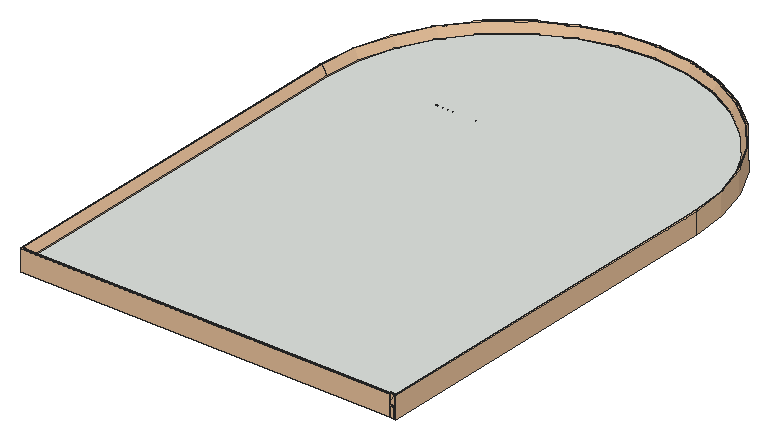
Revit family "Furniture-Mirror-KOHLER-Essential-K-30637_1", category Specialty Equipment, host Face, Revit 2021
Family settings
  Host = Face
  Round Connector Dimension = Use Diameter
  Part Type = Normal
  OmniClass Number = 23.21.37.13.15
  OmniClass Title = Mirrors
  Cut with Voids When Loaded = No
  Shared = No
  Room Calculation Point = No
Parameters (values of type "BGL-Moderne Brushed Gold")
  Width = 24"  # constant formula
  WaterSense Certified = 1 = 0  # no
  URL = "https://www.us.kohler.com/us/"
  Type = 1
  Product Page URL = "http://www.us.kohler.com/us/catalog/productDetails.jsp?productNumber=30637"
  Product Name = "Essential"  # constant formula
  Product Documentation Link = "https://www.us.kohler.com/webassets/kpna/catalog/pdf/en/K-30637_spec_US-CA_Kohler_en.pdf"
  Model = if(Type = 1, "K-30637-BGL", if(Type = 2, "K-30637-BLL", if(Type = 3, "K-30637-BNL", if(Type = 4, "K-30637-CPL", "NA"))))  # "K-30637-BGL"
  Material = "Premium Metal Construction"  # constant formula
  Master Format 2014 Name = "Cabinet and Drawer Hardware"  # constant formula
  Master Format 2014 = "06 41 93"  # constant formula
  Manufacturer Address = "444 Highland Dr, Kohler, WI 53044"  # constant formula
  Manufacturer = "Kohler Co."  # constant formula
  Length = 1.37795"  # constant formula
  Height = 36"  # constant formula
  Finish = KOHLER-Metal-BGL-Moderne_Brushed_Gold
  Environmental Product Declaration = ""
  Description = "Arch Mirror 24 Inch X 36 Inch"  # constant formula
  Default Elevation = 60"
  Declare Label = ""
  Date Modified = "09/07/2023"  # constant formula
  Date Created = "01/02/2023"  # constant formula
  Copyright = "Copyright Kohler Co."  # constant formula
  Contact Us = "https://www.us.kohler.com/us/static/contact.jsp"
  Assembly Code = "E20"
  ADA Compliant = 1 = 0  # no
Types (5): name | Type | Model | Finish
  (no name) | 1 | "K-30637-BGL" | KOHLER-Metal-BGL-Moderne_Brushed_Gold
  CPL-Polished Chrome | 4 | "K-30637-CPL" | KOHLER-Metal-CPL-Polished_Chrome
  BNL-Brushed Nickel | 3 | "K-30637-BNL" | KOHLER-Metal-BNL-Brushed_Nickel
  BLL-Matte Black | 2 | "K-30637-BLL" | KOHLER-Metal-BLL-Matte_Black
  BGL-Moderne Brushed Gold | 1 | "K-30637-BGL" | KOHLER-Metal-BGL-Moderne_Brushed_Gold
Reference planes (in)
  plane 1 "Center (Front/Back)": y = 0
  plane 2: z = 0
  plane 3 "Center (Left/Right)": x = 0
  plane 4: x = -12
  plane 5: x = 12
  plane 6: y = 18
  plane 7: y = -18
  plane 8: y = 7.5826772
  plane 9: y = 4.4330709
  plane 10: x = -5.9055118
  plane 11: x = 5.9055118
  plane 12: z = 1.417323
  plane 13: z = 0.7283466
  plane 14: z = 0.0393702
Dimensions and locks (in)
  "Width": plane 4 to plane 5
  "Height": plane 7 to plane 6
  plane 7 to plane 8 = 25.58268"
  plane 9 to plane 8 = 3.14961"
  "Length": plane 14 to plane 12
  aligned and locked: plane 2 to host face
  aligned and locked: level to host face
  aligned and locked: level to nested 1
  aligned and locked: nested 1 to plane 9
  aligned and locked: plane 3 "Center (Left/Right)" to nested 1
Automatic sketch dimensions
  host sketch curve to host sketch curve = 96"  (x2)
Nested families (in)
  nested 1: "K-30637" at (0, 0, 0.7283466) x (1, 0, 0) z (0, 1, 0), type "K-30637"
Definition of nested family "K-30637"
  Parameters (values of type "K-30637")
    Material = none
    Default Elevation = 48"
  Reference planes (in)
    plane 1 "Center (Front/Back)": y = 0
    plane 2: z = 0
    plane 3 "Center (Left/Right)": x = 0
    plane 4: x = 12
    plane 5: x = -12
    plane 6: y = -0.6889764
    plane 7: y = 0.6889764
    plane 8: z = 18
    plane 9: z = -18
    plane 10: x = -11.8740157
    plane 11: z = 0
    plane 12: z = 7.5826772
    plane 13: z = 4.4330709
    plane 14: x = 5.9055118
    plane 15: x = -5.9055118
    plane 16: y = 0.7283466
  Forms (in)
    Extrusion 1, solid
      sketch origin (0, 0, 0) x (1, 0, 0) y (0, 0, 1)
        loop
          line (11.8740157, -17.8740157) -> (11.8740157, 6.000307)
          arc (11.8740157, 6.000307) -> (0, 17.8743227) -> (-11.8740157, 6.000307) r 11.8740157
          line (-11.8740157, 6.000307) -> (-11.8740157, -17.8740157) -> (11.8740157, -17.8740157)
      from -0.0669293 to 0.098425
    Sweep 2, solid, material <- "Material", detail levels medium+fine
      path origin (0, 0, 0) x (1, 0, 0) y (0, 0, 1)
        loop
          line (12, -18) -> (12, 6.000307)
          arc (12, 6.000307) -> (0, 18.000307) -> (-12, 6.000307) r 12
          line (-12, 6.000307) -> (-12, -18) -> (11.6194226, -18)
      profile origin (-12, 0, -18) x (0, -1, 0) y (1, 0, 0)
        loop
          line (-0.6889765, 0) -> (0.6682367, 0)
          arc (0.6682367, 0) -> (0.6829019, 0.0060745) -> (0.6889764, 0.0207396) r 0.0207396
          line (0.6889764, 0.0207396) -> (0.6889764, 0.0610837)
          arc (0.6889764, 0.0610837) -> (0.6847828, 0.0762239) -> (0.6733972, 0.087049) r 0.0294273
          line (0.6733972, 0.087049) -> (0.1273736, 0.3782615)
          arc (0.1273736, 0.3782615) -> (0.1079822, 0.3777722) -> (0.098425, 0.3608924) r 0.019685
          line (0.098425, 0.3608924) -> (0.098425, 0.0472441) -> (-0.6889765, 0.0472441) -> (-0.6889765, 0)
    Extrusion 3, solid, material <- "Material", detail levels medium+fine
      sketch origin (0, 0, 0) x (1, 0, 0) y (0, 1, 0)
        loop
          line (11.8740157, 0.6889765) -> (11.6194226, 0.6889765) -> (11.6194226, 0.0669293) -> (11.8740157, 0.0669293) -> (11.8740157, 0.6889765)
        loop
          line (11.5873474, -0.6889764) -> (11.8949438, -0.6889764) -> (11.8949438, -0.098425) -> (11.5873474, -0.098425) -> (11.5873474, -0.6889764)
      from -18 to -17.8740157
    Extrusion 4, solid, detail levels medium+fine
      sketch origin (0, 0, 0) x (0, 1, 0) y (0, 0, 1)
        loop
          line (0.7283466, 5.3927165) -> (0.7283466, 7.4645669)
          arc (0.7283466, 7.4645669) -> (0.6937529, 7.5480835) -> (0.6102364, 7.5826772) r 0.1181102
          line (0.6102364, 7.5826772) -> (0.2362206, 7.5826772)
          arc (0.2362206, 7.5826772) -> (0.1527041, 7.5480835) -> (0.1181104, 7.4645669) r 0.1181102
          line (0.1181104, 7.4645669) -> (0.1181104, 3.9655512) -> (0.1771655, 3.9655512) -> (0.1771655, 7.4645669)
          arc (0.1771655, 7.4645669) -> (0.1944624, 7.5063252) -> (0.2362206, 7.523622) r 0.0590551
          line (0.2362206, 7.523622) -> (0.6102364, 7.523622)
          arc (0.6102364, 7.523622) -> (0.6519947, 7.5063252) -> (0.6692915, 7.4645669) r 0.0590551
          line (0.6692915, 7.4645669) -> (0.6692915, 5.3927165) -> (0.7283466, 5.3927165)
      from -6.6264715 to 7.1772955
    Extrusion 5, void
      sketch origin (0, 0, 0) x (1, 0, 0) y (0, 0, 1)
        loop
          line (5.9055118, 8.2519685) -> (5.9055118, 4.8267717)
          arc (5.9055118, 4.8267717) -> (5.7901995, 4.5483832) -> (5.511811, 4.4330709) r 0.3937008
          line (5.511811, 4.4330709) -> (-5.511811, 4.4330709)
          arc (-5.511811, 4.4330709) -> (-5.7901995, 4.5483832) -> (-5.9055118, 4.8267717) r 0.3937008
          line (-5.9055118, 4.8267717) -> (-5.9055118, 8.2519685) -> (-7.6771654, 8.2519685) -> (-7.6771654, 3.3307087) -> (8.0708661, 3.3307087) -> (8.0708661, 8.2519685) -> (5.9055118, 8.2519685)
      from -1.1606074 to 0.4711636
    Extrusion 6, void
      sketch origin (0, 0, 0) x (1, 0, 0) y (0, 0, 1)
        loop
          line (4.6062992, 6.4015748) -> (-4.6062992, 6.4015748)
          arc (-4.6062992, 6.4015748) -> (-4.6898158, 6.3669811) -> (-4.7244094, 6.2834646) r 0.1181102
          line (-4.7244094, 6.2834646) -> (-4.7244094, 6.1709502)
          arc (-4.7244094, 6.1709502) -> (-4.7543781, 6.0202875) -> (-4.8397217, 5.8925617) r 0.3937008
          line (-4.8397217, 5.8925617) -> (-5.0027979, 5.7294855)
          arc (-5.0027979, 5.7294855) -> (-5.1305237, 5.6441419) -> (-5.2811864, 5.6141732) r 0.3937008
          line (-5.2811864, 5.6141732) -> (-5.511811, 5.6141732)
          arc (-5.511811, 5.6141732) -> (-5.7901995, 5.7294855) -> (-5.9055118, 6.007874) r 0.3937008
          arc (-5.9055118, 6.007874) -> (-6.0677282, 6.334074) -> (-6.4257285, 6.4015748) r 0.409085
          line (-6.4257285, 6.4015748) -> (-6.4257285, 4.2362205) -> (6.1467085, 4.2362205) -> (6.1467085, 6.4015748)
          arc (6.1467085, 6.4015748) -> (5.9706051, 6.238729) -> (5.9055118, 6.007874) r 0.4419135
          arc (5.9055118, 6.007874) -> (5.7901995, 5.7294855) -> (5.511811, 5.6141732) r 0.3937008
          line (5.511811, 5.6141732) -> (5.2811864, 5.6141732)
          arc (5.2811864, 5.6141732) -> (5.1305237, 5.6441419) -> (5.0027979, 5.7294855) r 0.3937008
          line (5.0027979, 5.7294855) -> (4.8397217, 5.8925617)
          arc (4.8397217, 5.8925617) -> (4.7543781, 6.0202875) -> (4.7244094, 6.1709502) r 0.3937008
          line (4.7244094, 6.1709502) -> (4.7244094, 6.2834646)
          arc (4.7244094, 6.2834646) -> (4.6898158, 6.3669811) -> (4.6062992, 6.4015748) r 0.1181102
      from -0.9796212 to -0.493308
    Extrusion 7, solid, detail levels medium+fine
      sketch origin (0, 0, 0) x (0, 1, 0) y (0, 0, 1)
        loop
          arc (0.5782653, 6.317182) -> (0.5964707, 6.2931822) -> (0.6259844, 6.2992126) r 0.0282786
          line (0.6259844, 6.2992126) -> (0.6259844, 6.1181102) -> (0.6509077, 6.0971971) -> (0.6259844, 6.0787402) -> (0.6259844, 5.9636905)
          arc (0.6259844, 5.9636905) -> (0.6771655, 5.9125094) -> (0.7283466, 5.9636905) r 0.0511811
          line (0.7283466, 5.9636905) -> (0.7283466, 6.3622047)
          arc (0.7283466, 6.3622047) -> (0.7168154, 6.3900436) -> (0.6889765, 6.4015748) r 0.0393701
          line (0.6889765, 6.4015748) -> (0.6496221, 6.4015748) -> (0.6300991, 6.6247237)
          arc (0.6300991, 6.6247237) -> (0.5921495, 6.7621809) -> (0.5077251, 6.8771033) r 0.3937008
          line (0.5077251, 6.8771033) -> (0.3464955, 7.0288488)
          arc (0.3464955, 7.0288488) -> (0.2944404, 7.0272714) -> (0.2960178, 6.9752163) r 0.0368254
          line (0.2960178, 6.9752163) -> (0.4534208, 6.8270724)
          arc (0.4534208, 6.8270724) -> (0.5209603, 6.7351345) -> (0.55132, 6.6251687) r 0.3149606
          line (0.55132, 6.6251687) -> (0.5782653, 6.317182)
      from -4.3307087 to 4.3307087
    Extrusion 8, void
      sketch origin (0, 0, 0) x (1, 0, 0) y (0, 0, 1)
        loop
          circle (3.1496063, 6.0984252) r 0.0787402
        loop
          circle (0, 6.0984252) r 0.0787402
        loop
          circle (-3.1496063, 6.0984252) r 0.0787402
      from -1.0788122 to -0.477743
    Extrusion 9, solid, material <- "Material", detail levels coarse
      sketch origin (0, 0, 0) x (1, 0, 0) y (0, 0, 1)
        loop
          arc (12, 6.000307) -> (0, 18.000307) -> (-12, 6.000307) r 12
          line (-12, 6.000307) -> (-12, -18) -> (11.6194226, -18) -> (11.6194226, -17.8740157) -> (-11.8740157, -17.8740157) -> (-11.8740157, 6.000307)
          arc (-11.8740157, 6.000307) -> (0, 17.8743227) -> (11.8740157, 6.000307) r 11.8740157
          line (11.8740157, 6.000307) -> (11.8740157, -18) -> (12, -18) -> (12, 6.000307)
      from -0.6889765 to 0.6889764
    Extrusion 10, solid, detail levels coarse
      sketch origin (-0.0906814, 0, 0) x (0, 1, 0) y (0, 0, 1)
        loop
          line (0.7283466, 5.3927165) -> (0.7283466, 7.4645669)
          arc (0.7283466, 7.4645669) -> (0.6937529, 7.5480835) -> (0.6102364, 7.5826772) r 0.1181102
          line (0.6102364, 7.5826772) -> (0.2362206, 7.5826772)
          arc (0.2362206, 7.5826772) -> (0.1527041, 7.5480835) -> (0.1181104, 7.4645669) r 0.1181102
          line (0.1181104, 7.4645669) -> (0.1181104, 3.9655512) -> (0.1771655, 3.9655512) -> (0.1771655, 7.4645669)
          arc (0.1771655, 7.4645669) -> (0.1944624, 7.5063252) -> (0.2362206, 7.523622) r 0.0590551
          line (0.2362206, 7.523622) -> (0.6102364, 7.523622)
          arc (0.6102364, 7.523622) -> (0.6519947, 7.5063252) -> (0.6692915, 7.4645669) r 0.0590551
          line (0.6692915, 7.4645669) -> (0.6692915, 5.3927165) -> (0.7283466, 5.3927165)
      from -6.6264715 to 7.1772955
  Cuts and joins
    Extrusion 5, Extrusion 6 cuts Extrusion 4
    Extrusion 8 cuts Extrusion 7
  Lines and regions (in)
    Masking region 1
      outline origin (0, 0, 0) x (1, 0, 0) y (0, 1, 0)
        loop
          line (-12, 0.6889765) -> (-12, -0.6889764) -> (12, -0.6889764) -> (12, 0.6889765) -> (5.9055118, 0.6889765) -> (5.9055118, 0.7283466) -> (-5.9055118, 0.7283466) -> (-5.9055118, 0.6889765) -> (-12, 0.6889765)
    Masking region 2
      outline origin (0, 0, 0) x (1, 0, 0) y (0, 0, 1)
        loop
          line (-12, 5.9999982) -> (-12, -18) -> (12, -18) -> (12, 5.9999982)
          arc (12, 5.9999982) -> (0, 17.9999982) -> (-12, 5.9999982) r 12
    Masking region 3
      outline origin (0, 0, 0) x (0, 1, 0) y (0, 0, 1)
        loop
          line (0.6889764, 7.7795258) -> (0.6889764, 18) -> (-0.6889764, 18) -> (-0.6889764, -18) -> (0.6889764, -18) -> (0.6889764, 5.6141732) -> (0.7283466, 5.6141732) -> (0.7283466, 7.4645669)
          arc (0.7283466, 7.4645669) -> (0.7180557, 7.5127853) -> (0.6889764, 7.5526012) r 0.1181102
          line (0.6889764, 7.5526012) -> (0.6889764, 7.7795258)
    symbolic lines, detail levels medium+fine
      curve 1: line (-5.9055118, 0.6889765, 0) -> (5.9055118, 0.6889765, 0)
      curve 2: line (-11.8740157, 0, -17.8740176) -> (-11.8740157, 0, 5.9999982)
      curve 3: line (-11.8740157, 0, -17.8740176) -> (11.8740157, 0, -17.8740176)
      curve 4: line (11.8740157, 0, -17.8740176) -> (11.8740157, 0, 5.9999982)
      curve 5: arc (11.8740157, 0, 5.9999982) -> (0, 0, 17.8740139) -> (-11.8740157, 0, 5.9999982) r 11.8740157
      curve 6: line (-11.6217385, 0, -17.6217403) -> (-11.6217385, 0, 5.9929701)
      curve 7: line (11.6217385, 0, -17.6217403) -> (11.6217385, 0, 5.9929701)
      curve 8: arc (-11.6217385, 0, 5.9929701) -> (0, 0, 17.6147085) -> (11.6217385, 0, 5.9929701) r 11.6217385
      curve 9: line (-11.6217385, 0, -17.6217403) -> (11.6217385, 0, -17.6217403)
      curve 10: line (-11.519685, 0, -17.5196868) -> (-11.519685, 0, 5.9999982)
      curve 11: line (11.519685, 0, -17.5196868) -> (11.519685, 0, 5.9999982)
      curve 12: arc (-11.519685, 0, 5.9999982) -> (0, 0, 17.5196832) -> (11.519685, 0, 5.9999982) r 11.519685
      curve 13: line (-11.519685, 0, -17.5196868) -> (11.519685, 0, -17.5196868)
      curve 14: line (11.6217385, 0, -17.6217403) -> (12, 0, -18.0000018)
      curve 15: line (-11.6217385, 0, -17.6217403) -> (-12, 0, -18.0000018)
      curve 16: line (0, 0.6889764, 6.1309037) -> (0, -0.6889764, 6.1309037)
      curve 17: line (-12, -0.6221914, 0) -> (12, -0.6221914, 0)
      curve 18: line (0, -0.6371043, 18) -> (0, -0.6371043, -18.0000018)
      curve 19: line (0, 0.6889764, 7.5526012) -> (0, 0.6889764, 5.6141732)
  Dimensions and locks (in)
    plane 5 to plane 4 = 24"
    plane 8 to plane 9 = 36"
    plane 7 to plane 6 = 1.37795"
    plane 9 to plane 8 = 36"
    plane 9 to plane 11 = 18"
    plane 12 to plane 9 = 25.58268"
    plane 12 to plane 13 = 3.14961"
    plane 4 to plane 14 = 6.09449"
    plane 15 to plane 5 = 6.09449"
    plane 4 to plane 5 = 24"
    aligned and locked: level to plane 2
